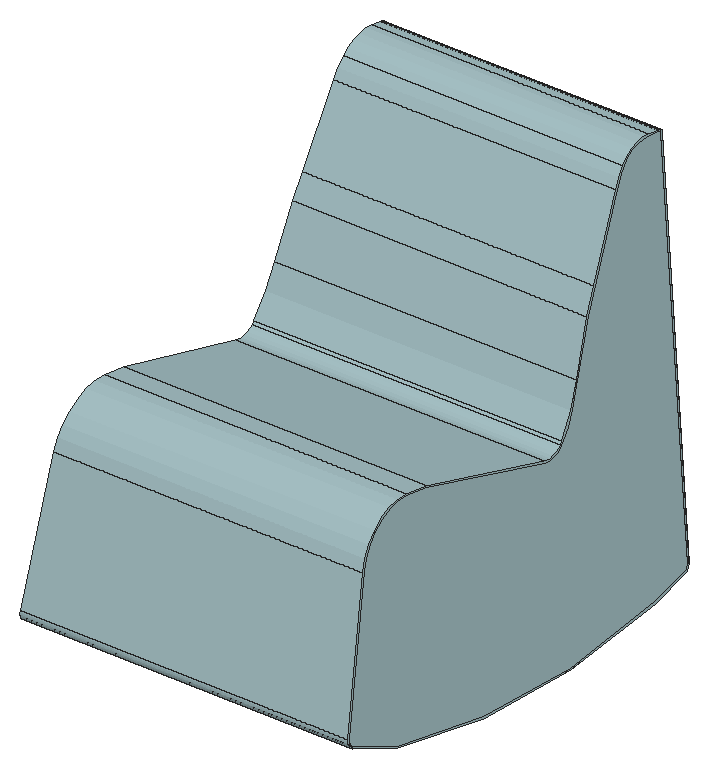
Revit family "revitupgrade", category Furniture, Revit 2025
Family settings
  OmniClass Number = 23.40.70.14.64.11
  OmniClass Title = Office Furniture
  Work Plane-Based = No
  Enable Cutting in Views = No
  Always vertical = Yes
  Cut with Voids When Loaded = No
  Render Appearance Source = Family Geometry
  Shared = No
  Room Calculation Point = No
Parameters (values of type "Soft Rocker")
  Upholstery [instance] = SmithSystem_Fabric_Alphabet_Mediterranean
  URL = "https://smithsystem.com/lines/flowform/"
  Style Number(s) = "SMSFS55000"
  Release Date = "February 2022"  # constant formula
  Manufacturer = "Smith System"  # constant formula
  Description = "Just like learning, furniture shouldn’t be forced.  Flowform® is refreshing in that way.  They feature deliberate organic shapes with soft radii and rounded edging."  # constant formula
  Default Elevation = 0.00"
  Copyright = "© 2010 Steelcase Inc."  # constant formula
  AutoCAD Tag = ""
  Assembly Code = "E2020200"
Reference planes (in)
  plane 1 "Center Front/Back": y = 0
  plane 2: z = 0
  plane 3 "Center Left/Right": x = 0
  plane 4: z = 19.49833
Forms (in)
  Extrusion 1, solid, material "SmithSystem_Fabric_Alphabet_Mediterranean" <- "Upholstery"
    sketch origin (0, 0, 0) x (0, 1, 0) y (0, 0, 1)
      loop
        line (26.52053, 25.81892) -> (25.7862, 25.91614)
        arc (25.7862, 25.91614) -> (24.82816, 25.85646) -> (23.96378, 25.43901) r 2.49153
        arc (23.96378, 25.43901) -> (23.42933, 24.78921) -> (23.00022, 24.06551) r 5.50146
        arc (23.00022, 24.06551) -> (21.60134, 21.17274) -> (20.25038, 18.25729) r 194.75078
        arc (20.25038, 18.25729) -> (19.43587, 16.02618) -> (18.57331, 13.8132) r 109.84315
        arc (18.57331, 13.8132) -> (18.15363, 12.99713) -> (17.59095, 12.27222) r 4.96578
        arc (17.59095, 12.27222) -> (16.96688, 11.90068) -> (16.24082, 11.91911) r 1.30861
        arc (16.24082, 11.91911) -> (11.72134, 13.26282) -> (7.15737, 14.44665) r 133.96819
        arc (7.15737, 14.44665) -> (6.39967, 14.59462) -> (5.632, 14.67647) r 8.91253
        arc (5.632, 14.67647) -> (3.31747, 13.98749) -> (2.00007, 11.96359) r 3.5
        line (2.00007, 11.96359) -> (0.07995, 3.56653)
        arc (0.07995, 3.56653) -> (0.12061, 3.24921) -> (0.3571, 3.03376) r 0.46365
        arc (0.3571, 3.03376) -> (2.07874, 2.31785) -> (3.78955, 1.57643) r 125.43586
        arc (3.78955, 1.57643) -> (13.86687, 0.10687) -> (24.02216, 0.86989) r 46.42542
        line (24.02216, 0.86989) -> (26.36903, 1.49873)
        arc (26.36903, 1.49873) -> (26.56468, 1.62946) -> (26.64031, 1.85227) r 0.36601
        line (26.64031, 1.85227) -> (26.64031, 25.68223)
        arc (26.64031, 25.68223) -> (26.60613, 25.7731) -> (26.52053, 25.81892) r 0.13788
    from -12.1864 to 12.20506
  Extrusion 2, void
    sketch origin (0, 0, 0) x (1, 0, 0) y (0, 0, 1)
      loop
        line (-8.73788, 26.41492) -> (-13.23788, 26.41492) -> (-13.23788, -3.84489) -> (-10.85386, -3.84489) -> (-8.73788, 26.41492)
      loop
        line (8.73788, 26.41492) -> (10.85386, -3.84489) -> (13.23788, -3.84489) -> (13.23788, 26.41492) -> (8.73788, 26.41492)
    from -40.49606 to 19.5
  Extrusion 3, solid, material "SmithSystem_Fabric_Alphabet_Mediterranean" <- "Upholstery"
    sketch origin (0, 0, 0) x (0, 1, 0) y (0, 0, 1)
      loop
        arc (25.74741, 26.00197) -> (24.56222, 25.85486) -> (23.59984, 25.14765) r 2.36618
        arc (23.59984, 25.14765) -> (23.23492, 24.64304) -> (22.92848, 24.10093) r 5.58146
        arc (22.92848, 24.10093) -> (21.86547, 21.91391) -> (20.82982, 19.71379) r 194.83078
        arc (20.82982, 19.71379) -> (20.50152, 19.00114) -> (20.17609, 18.28717) r 194.83078
        arc (20.17609, 18.28717) -> (19.56722, 16.80474) -> (19.06636, 15.28242) r 22.30311
        arc (19.06636, 15.28242) -> (18.49531, 13.81888) -> (17.67119, 12.4814) r 8.72943
        arc (17.67119, 12.4814) -> (17.60531, 12.40107) -> (17.53255, 12.3269) r 1.16752
        arc (17.53255, 12.3269) -> (16.94664, 11.97807) -> (16.26496, 11.99538) r 1.22861
        arc (16.26496, 11.99538) -> (11.74278, 13.33989) -> (7.17609, 14.52442) r 134.04819
        arc (7.17609, 14.52442) -> (6.41159, 14.67373) -> (5.63703, 14.75632) r 8.99253
        arc (5.63703, 14.75632) -> (3.2696, 14.05158) -> (1.92208, 11.98142) r 3.58
        line (1.92208, 11.98142) -> (0.00197, 3.58436)
        arc (0.00197, 3.58436) -> (0.04964, 3.21229) -> (0.32694, 2.95966) r 0.54365
        arc (0.32694, 2.95966) -> (2.05046, 2.24294) -> (3.76312, 1.50064) r 125.35586
        arc (3.76312, 1.50064) -> (13.86238, 0.02697) -> (24.0399, 0.79182) r 46.50542
        line (24.0399, 0.79182) -> (26.38974, 1.42146)
        arc (26.38974, 1.42146) -> (26.62815, 1.58076) -> (26.72031, 1.85227) r 0.44601
        line (26.72031, 1.85227) -> (26.72031, 25.68223)
        arc (26.72031, 25.68223) -> (26.6663, 25.82583) -> (26.53103, 25.89823) r 0.21788
        line (26.53103, 25.89823) -> (25.74741, 26.00197)
      loop
        line (26.52053, 25.81892) -> (25.7862, 25.91614)
        arc (25.7862, 25.91614) -> (24.82816, 25.85646) -> (23.96378, 25.43901) r 2.49153
        arc (23.96378, 25.43901) -> (23.42933, 24.78921) -> (23.00022, 24.06551) r 5.50146
        arc (23.00022, 24.06551) -> (21.60134, 21.17274) -> (20.25038, 18.25729) r 194.75078
        arc (20.25038, 18.25729) -> (19.43587, 16.02618) -> (18.57331, 13.8132) r 109.84315
        arc (18.57331, 13.8132) -> (18.15363, 12.99713) -> (17.59095, 12.27222) r 4.96578
        arc (17.59095, 12.27222) -> (16.96688, 11.90068) -> (16.24082, 11.91911) r 1.30861
        arc (16.24082, 11.91911) -> (11.72134, 13.26282) -> (7.15737, 14.44665) r 133.96819
        line (7.15737, 14.44665) -> (5.632, 14.67647)
        arc (5.632, 14.67647) -> (3.31747, 13.98749) -> (2.00007, 11.96359) r 3.5
        line (2.00007, 11.96359) -> (0.07995, 3.56653)
        arc (0.07995, 3.56653) -> (0.12061, 3.24921) -> (0.3571, 3.03376) r 0.46365
        arc (0.3571, 3.03376) -> (2.07874, 2.31785) -> (3.78955, 1.57643) r 125.43586
        arc (3.78955, 1.57643) -> (13.86687, 0.10687) -> (24.02216, 0.86989) r 46.42542
        line (24.02216, 0.86989) -> (26.36903, 1.49873)
        arc (26.36903, 1.49873) -> (26.56468, 1.62946) -> (26.64031, 1.85227) r 0.36601
        line (26.64031, 1.85227) -> (26.64031, 25.68223)
        arc (26.64031, 25.68223) -> (26.60613, 25.7731) -> (26.52053, 25.81892) r 0.13788
    from -11.95308 to 11.54956
Cuts and joins
  Extrusion 2 cuts Extrusion 1
  Extrusion 2 cuts Extrusion 3
Lines and regions (in)
  Masking region 1
    outline origin (0, 0, 0) x (1, 0, 0) y (0, 1, 0)
      loop
        line (-10.48006, 26.72031) -> (-10.48006, 3.76312)
        spline (-10.48006, 3.76312) -> (-10.47046, 3.4517) -> (-10.46093, 3.1399) -> (-10.45145, 2.82774) -> (-10.44203, 2.51521) -> (-10.43267, 2.20231) -> (-10.42337, 1.88905) -> (-10.41413, 1.57542) -> (-10.40495, 1.26144) -> (-10.39583, 0.9471) -> (-10.38677, 0.63241) -> (-10.37776, 0.31736) -> (-10.36882, 0.00197)
        line (-10.36882, 0.00197) -> (10.36279, 0.00197)
        spline (10.36279, 0.00197) -> (10.37179, 0.31959) -> (10.38085, 0.63686) -> (10.38997, 0.95377) -> (10.39915, 1.27032) -> (10.40839, 1.58651) -> (10.41769, 1.90234) -> (10.42705, 2.2178) -> (10.43647, 2.53289) -> (10.44596, 2.84761) -> (10.4555, 3.16196) -> (10.4651, 3.47593) -> (10.47476, 3.78953)
        line (10.47476, 3.78953) -> (10.47476, 26.72031) -> (-10.48006, 26.72031)
Dimensions and locks (in)
  plane 4 to level = 19.49833"
  aligned and locked: level to plane 2
